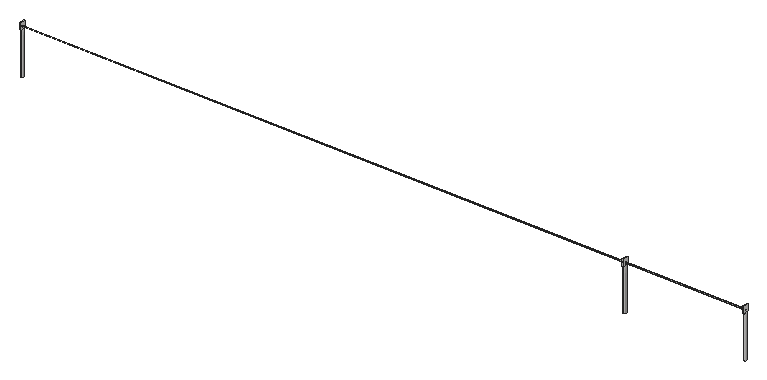
Revit family "BirdControl_Wire_BirdBGone_2000", category Specialty Equipment, Revit 2018
Family settings
  Round Connector Dimension = Use Diameter
  Part Type = Normal
  OmniClass Number = 23.40.10.14.14.99
  OmniClass Title = Other Manufactured Exterior Specialties
  Cut with Voids When Loaded = No
  Shared = No
  Room Calculation Point = No
Parameters (values of type "Wire System")
  Wire Height [instance] = 0' - 4 1/2"
  Warranty Duration (Years) = 0
  URL = "http://www.birdbgone.com/"
  Test Data = "http://www.birdbgone.com/bird-control-product-msds"
  Supports_Array [instance] = if(Supports > 1, Supports, 2)  # 2
  Supports [instance] = if(not(Int < Length Div), Int - 1, Int)  # 1
  SingleSupport [instance] = Supports = 1  # yes
  Int [instance] = Length Div  # 1
  Specification = "http://www.arcat.com/sdspecs/htm/10290bir.htm"
  SpecWizard = ""
  Send Message = "http://www.arcat.com/users.pl?action=UserEmail&company=Bird-B-Gone,%20Inc.&coid=38371&rep=147&fax=949-472-3116&mf="
  Sales Information = "http://www.birdbgone.com/bird-control-store/"
  Revision = "R1_10-2010"
  Product Properties = "http://www.arcat.com/bim/bim_info.pl?fn=BirdBGone"
  Product Data = "http://www.arcat.com/arcatcos/cos38/arc38371.html"
  Model = "As Specified in 10 81 19"
  Material = Metal - Stainless Steel - Bird B Gone
  Manufacturer Website = "http://www.birdbgone.com/"
  Manufacturer Phone - Toll Free = "800-392-6915"
  Manufacturer Phone = "949-472-3122"
  Manufacturer Fax = "949-472-3116"
  Manufacturer Address = "23918 Skyline, Mission Viejo, CA 92692"
  Manufacturer = "Bird-B-Gone, Inc."
  Maintenance Schedule (Months) = 0
  Length Div [instance] = [built-in parameter 1001306] / 5' 0"  # 1.2
  built-in parameter 1001306 [instance] = 6' - 0"
  Keynote = "10 81 19"
  Installation-Fabrication = "http://www.birdbgone.com/installation-instructions"
  Installation Phase = ""
  Green Building-LEED = "http://www.arcat.com/green/clients/leed_data_38371.html"
  Expected Lifespan (Years) = 0
  Drawn By = "Robert S. Weygant, CSI, CDT, SCIP"
  Description = "Bird Control Equipment as Specified in 10 81 19"
  Copyright = "2010 ARCAT, Inc."
  Construction Details = "http://www.arcat.com/details/birdbgon/birdbgon.html?coid=38371"
  Building Codes = "http://www.birdbgone.com/knowledge-center/"
  Assembly Code = "E1090900"
  Array [instance] = Supports > 1  # no
Reference planes (in)
  plane 1 "Center (Front/Back)": y = 0
  plane 2: z = 0
  plane 3 "Left": x = 0
  plane 4 "Right": x = 72
  plane 5 "Wire": z = 4.5
Forms (in)
  Sweep 1, solid, material "Metal - Stainless Steel - Bird B Gone" <- "Material", detail levels medium+fine
    path origin (0, 0, 4.5) x (-1, 0, 0) y (0, -1, 0)
      loop
        line (-72, 0) -> (0, 0)
    profile origin (36, 0, 4.5) x (0, -1, 0) y (0, 0, 1)
      loop
        circle (0, 0) r 0.03125
Lines and regions (in)
  reference lines
    curve 1: line (0, 0, 0) -> (72, 0, 0)
  model lines, style "Bird Control", detail levels coarse
    curve 2: line (0, 0, 4.5) -> (72, 0, 4.5)
Dimensions and locks (in)
  "built-in parameter 1001306": plane 3 "Left" to plane 4 "Right"
  group 1 to group 2 = 5' - 0"
  group 1 to group 2 = 0' - 0"  (x2)
  "Wire Height": plane 5 "Wire" to level
  aligned and locked: plane 4 "Right" to curve 1
  aligned and locked: plane 3 "Left" to curve 1
  aligned and locked: plane 4 "Right" to nested 4
Automatic sketch dimensions
  curve 1 to plane 1 "Center (Front/Back)" = 0' - 0"
  curve 2 to plane 1 "Center (Front/Back)" = 0' - 0"
  curve 2 to plane 4 "Right" = 0' - 0"
  curve 2 to plane 3 "Left" = 0' - 0"
  Sweep 1 sketch curve to plane 1 "Center (Front/Back)" = 0' - 0"
  Sweep 1 sketch curve to plane 4 "Right" = 0' - 0"
  Sweep 1 sketch curve to plane 3 "Left" = 0' - 0"
  Sweep 1 sketch curve to plane 5 "Wire" = 0' - 0"
  Sweep 1 sketch curve to profile plane = 0' - 0"
  radius of Sweep 1 sketch curve = 0' - 0 1/32"
Nested families (in)
  nested 1: "Support_Wire" at (60, 0, 0) x (0, 1, 0) z (0, 0, 1), Material <- "Material", Unit Height <- "Wire Height", visible <- "Array", type "BirdBGone template - Standalone"
    with offset 0' - 0", Unit Height 0' - 4 1/2", Material Metal - Stainless Steel - Bird B Gone
  nested 2: "Support_Wire" at (120, 0, 0) x (0, 1, 0) z (0, 0, 1), Material <- "Material", Unit Height <- "Wire Height", visible <- "Array", type "BirdBGone template - Standalone"
    with offset 0' - 0", Unit Height 0' - 4 1/2", Material Metal - Stainless Steel - Bird B Gone
  nested 3: "Support_Wire" at (0, 0, 0) x (0, 1, 0) z (0, 0, 1), Material <- "Material", Unit Height <- "Wire Height", type "BirdBGone template - Standalone"
    with offset 0' - 0", Unit Height 0' - 4 1/2", Material Metal - Stainless Steel - Bird B Gone
  nested 4: "Support_Wire" at (72, 0, 0) x (0, 1, 0) z (0, 0, 1), Material <- "Material", Unit Height <- "Wire Height", type "BirdBGone template - Standalone"
    with offset 0' - 0", Unit Height 0' - 4 1/2", Material Metal - Stainless Steel - Bird B Gone
  nested 5: "Support_Wire" at (60, 0, 0) x (0, 1, 0) z (0, 0, 1), Material <- "Material", Unit Height <- "Wire Height", visible <- "SingleSupport", type "BirdBGone template - Standalone"
    with offset 0' - 0", Unit Height 0' - 4 1/2", Material Metal - Stainless Steel - Bird B Gone
Definition of nested family "Support_Wire"
  Parameters
    offset [instance] = 0' - 0"
    Warranty Duration (Years) = 0
    Unit Width = 0' - 7"
    Unit Height [instance] = 0' - 5"
    Unit Depth = 0' - 0 1/4"
    URL = "http://www.birdbgone.com/"
    Test Data = "http://www.birdbgone.com/bird-control-product-msds"
    Specification = "http://www.arcat.com/sdspecs/htm/10290bir.htm"
    SpecWizard = ""
    Send Message = "http://www.arcat.com/users.pl?action=UserEmail&company=Bird-B-Gone,%20Inc.&coid=38371&rep=147&fax=949-472-3116&mf="
    Sales Information = "http://www.birdbgone.com/bird-control-store/"
    Revision = "R1_10-2010"
    Product Properties = "http://www.arcat.com/bim/bim_info.pl?fn=BirdBGone"
    Product Data = "http://www.arcat.com/arcatcos/cos38/arc38371.html"
    Model = "As Specified in 10 81 19"
    Material [instance] = none
    Manufacturer Website = "http://www.birdbgone.com/"
    Manufacturer Phone - Toll Free = "800-392-6915"
    Manufacturer Phone = "949-472-3122"
    Manufacturer Fax = "949-472-3116"
    Manufacturer Address = "23918 Skyline, Mission Viejo, CA 92692"
    Manufacturer = "Bird-B-Gone, Inc."
    Maintenance Schedule (Months) = 0
    Keynote = "10 81 19"
    Installation-Fabrication = "http://www.birdbgone.com/installation-instructions"
    Installation Phase = ""
    Green Building-LEED = "http://www.arcat.com/green/clients/leed_data_38371.html"
    Expected Lifespan (Years) = 0
    Drawn By = "Robert S. Weygant, CSI, CDT, SCIP"
    Description = "Bird Control Equipment as Specified in 10 81 19"
    Copyright = "wt"
    Construction Details = "http://www.arcat.com/details/birdbgon/birdbgon.html?coid=38371"
    Building Codes = "http://www.birdbgone.com/knowledge-center/"
    Assembly Code = "E1090900"
  Reference planes (in)
    plane 1 "Center (Front/Back)": y = 0
    plane 2 "Bottom": z = 0
    plane 3 "Center (Left/Right)": x = 0
    plane 4 "Top": z = 5
    plane 5: z = 4.5
    plane 6: z = 5.375
  Forms (in)
    Sweep 1, solid, material <- "Material", detail levels medium+fine
      path origin (0, 0, 0) x (0.707107, 0, 0.707107) y (-0.707107, 0, 0.707107)
        loop
          line (0, 0) -> (3.35876, 3.35876)
      profile origin (0, 0, 2.375) x (-1, 0, 0) y (0, -1, 0)
        loop
          circle (0, 0) r 0.125
    Extrusion 2, solid, material <- "Material", detail levels medium+fine
      sketch origin (0, 0, 0) x (0.707107, 0, 0.707107) y (-0.707107, 0, 0.707107)
        loop
          line (3.62392, 3.97748) -> (3.20408, 3.55763) -> (3.25743, 3.25743) -> (3.55763, 3.20408) -> (3.97748, 3.62392) -> (3.62392, 3.97748)
        loop
          circle (3.53553, 3.53553) r 0.125
      from -0.0625 to 0.0625
  Cuts and joins
    joined: Sweep 1, Extrusion 2
  Lines and regions (in)
    model lines, detail levels coarse
      curve 1: line (0, 0, 0) -> (0, 0, 5)
  Dimensions and locks (in)
    "Unit Height": plane 4 "Top" to level
    plane 6 to plane 4 "Top" to plane 5 = 0' - 0 3/8" locked, 0' - 0 1/2" locked
    locked: plane 4 "Top" to Sweep 1 sketch curve at 0.25
    aligned and locked: level to Sweep 1 sketch curve
  Automatic sketch dimensions
    Sweep 1 sketch curve to profile plane = 0' - 0"  (x2)
    curve 1 to level = 0' - 0"
    curve 1 to plane 3 "Center (Left/Right)" = 0' - 0"  (x2)
    curve 1 to plane 4 "Top" = 0' - 0"
    Extrusion 2 sketch curve to plane 3 "Center (Left/Right)" = 0' - 0"  (x2)
    Extrusion 2 sketch curve to plane 4 "Top" = 0' - 0"
    Extrusion 2 sketch curve to plane 6 = 0' - 0"  (x2)
    Extrusion 2 sketch curve to Extrusion 2 sketch curve = 0' - 0.2781"
    Extrusion 2 sketch curve to Extrusion 2 sketch curve = 0' - 0.05335"
    Extrusion 2 sketch curve to Extrusion 2 sketch curve = 0' - 0.3002"
    Extrusion 2 sketch curve to Extrusion 2 sketch curve = 0' - 0.08839"
    Extrusion 2 sketch curve to Extrusion 2 sketch curve = 0' - 0.44194"
    Sweep 1 sketch curve to plane 3 "Center (Left/Right)" = 0' - 0"  (x2)
    radius of Sweep 1 sketch curve = 0' - 0 1/8"
    radius of Extrusion 2 sketch curve = 0' - 0 1/8"
